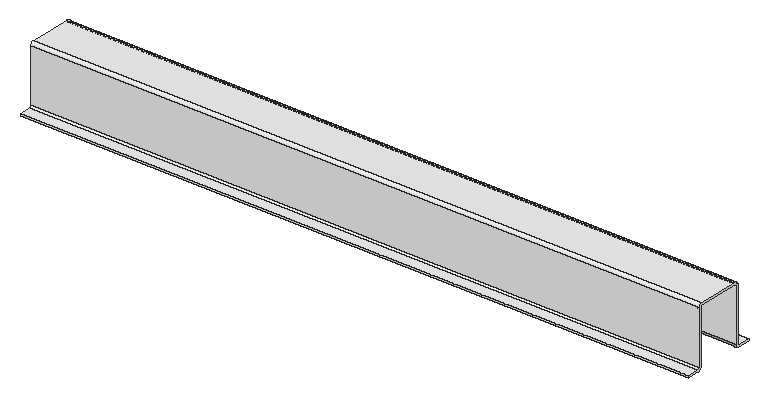
Revit family "Manômetro de luz - Perfis Topper", category Quadro estrutural, Revit 2019
Family settings
  Arredondamento do comprimento do framing estrutural = 1 mm
  Forma do corte = Não definido
  Material para o comportamento do modelo = Aço
  Exportar sempre como geometria = Não
  Sempre na vertical = Sim
  Corte com vazios quando carregada = Não
  Representação simbólica = Das configurações de projeto
  Compartilhado = Não
  Exibir o pré-corte da família na vista da planta = Sim
Parameters (values of type "T100x75x2.66")
  x = 0 mm
  t = 2.7 mm
  r = R - t  # 2.7 mm
  W = 0.00646
  Comentários de tipos = "GB/T 6723-2008"
  Structural Material [instance] = Aço leve galvaniado
  R = 2 * t  # 5.4 mm
  d = 25 mm
  B = 75 mm
  Código de montagem = "B10"
  Length [instance] = 1500 mm
  H = 100 mm
  A = 823.00 mm²
Reference planes
  plane 1 "Centro (Frente/Trás)": y = 0
  plane 2 "Centro (Esquerda/Direita)": x = 0.008
  plane 3 "Membro esquerdo": x = -556.99
  plane 4 "Membro direito": x = 566.21
  plane 5 "Superior": y = -40.2
  plane 6: y = 40.2
  plane 7 "Esquerda": x = -757.39
  plane 8 "Direita": x = 742.61
  plane 9: z = -100
  plane 10: z = 0
  plane 11: z = -2.7
  plane 12: y = -37.5
  plane 13: y = 37.5
  plane 14: z = -97.3
  plane 15: y = -62.5
  plane 16: y = 62.5
Forms (mm)
  Sweep 1, solid, material "Aço leve galvaniado" <- "Structural Material", detail levels medium
    path origin (0, 12.5, 0) x (1, 0, 0) y (0, 0, 1)
      loop
        line (-556.99, 0) -> (566.21, 0)
    profile origin (4.61, 12.5, 0) x (0, 0, 1) y (0, -1, 0)
      loop
        line (0, 52.7) -> (-97.3, 52.7) -> (-97.3, 75) -> (-100, 75) -> (-100, 50) -> (-2.7, 50) -> (-2.7, -25) -> (-100, -25) -> (-100, -50) -> (-97.3, -50) -> (-97.3, -27.7) -> (0, -27.7) -> (0, 52.7)
  Sweep 2, solid, material "Aço leve galvaniado" <- "Structural Material", detail levels fine
    path origin (0, 12.5, 0) x (1, 0, 0) y (0, 0, 1)
      loop
        line (-556.99, 0) -> (566.21, 0)
    profile origin (4.61, 12.5, 0) x (0, 0, 1) y (0, -1, 0)
      loop
        line (-5.4, 52.7) -> (-94.6, 52.7)
        arc (-94.6, 52.7) -> (-96.509, 53.491) -> (-97.3, 55.4) r 2.7
        line (-97.3, 55.4) -> (-97.3, 75) -> (-100, 75) -> (-100, 55.4)
        arc (-100, 55.4) -> (-98.418, 51.582) -> (-94.6, 50) r 5.4
        line (-94.6, 50) -> (-5.4, 50)
        arc (-5.4, 50) -> (-3.491, 49.209) -> (-2.7, 47.3) r 2.7
        line (-2.7, 47.3) -> (-2.7, -22.3)
        arc (-2.7, -22.3) -> (-3.491, -24.209) -> (-5.4, -25) r 2.7
        line (-5.4, -25) -> (-94.6, -25)
        arc (-94.6, -25) -> (-98.418, -26.582) -> (-100, -30.4) r 5.4
        line (-100, -30.4) -> (-100, -50) -> (-97.3, -50) -> (-97.3, -30.4)
        arc (-97.3, -30.4) -> (-96.509, -28.491) -> (-94.6, -27.7) r 2.7
        line (-94.6, -27.7) -> (-5.4, -27.7)
        arc (-5.4, -27.7) -> (-1.582, -26.118) -> (0, -22.3) r 5.4
        line (0, -22.3) -> (0, 47.3)
        arc (0, 47.3) -> (-1.582, 51.118) -> (-5.4, 52.7) r 5.4
Lines and regions (mm)
  symbolic lines, style "Faces ocultas", detail levels medium+fine
    curve 1: line (-556.99, 4.763, -3) -> (566.21, 4.763, -3)
    curve 2: line (-556.99, 4.763, -97.6) -> (566.21, 4.763, -97.6)
    curve 6: line (-556.99, -37.5, 0) -> (566.21, -37.5, 0)
    curve 7: line (-556.99, 37.5, 0) -> (566.21, 37.5, 0)
  symbolic lines, style "Símbolos de vara", detail levels coarse
    curve 3: line (-757.39, -40.2, -100) -> (-757.39, -40.2, 0)
    curve 4: line (-757.39, -40.2, 0) -> (-757.39, 40.2, 0)
    curve 5: line (-757.39, 40.2, 0) -> (-757.39, 40.2, -100)
    curve 8: line (0.008, -40.2, -100) -> (0.008, -62.5, -100)
  symbolic lines, detail levels coarse
    curve 9: line (0.008, 40.2, -100) -> (0.008, 62.5, -100)
Dimensions and locks
  "Length": plane 7 "Esquerda" to plane 8 "Direita"
  "t": plane 5 "Superior" to plane 12
  "t": plane 13 to plane 6
  "t": plane 14 to plane 9
  "t": plane 10 to plane 11
  "d": plane 15 to plane 12
  "d": plane 13 to plane 16
  "H": plane 10 to plane 9
  "x": level to plane 10
  "B": plane 13 to plane 12
  equal spacing: plane 6, plane 1 "Centro (Frente/Trás)", plane 5 "Superior"
  "R": radius of Sweep 2 sketch curve  (x4)
  "r": radius of Sweep 2 sketch curve  (x4)
  aligned and locked: curve 4 to plane 10
  aligned and locked: plane 5 "Superior" to Sweep 1 sketch curve
  aligned and locked: Sweep 1 sketch curve to plane 13
  aligned and locked: Sweep 1 sketch curve to plane 6
  aligned and locked: plane 10 to Sweep 1 sketch curve
  aligned and locked: Sweep 1 sketch curve to plane 11
  aligned and locked: plane 5 "Superior" to Sweep 2 sketch curve
  aligned and locked: Sweep 2 sketch curve to plane 12
  aligned and locked: plane 10 to Sweep 2 sketch curve
  aligned and locked: Sweep 2 sketch curve to plane 11
  aligned and locked: Sweep 2 sketch curve to plane 13
  aligned and locked: Sweep 2 sketch curve to plane 6
  aligned and locked: Sweep 1 sketch curve to plane 12
  aligned and locked: plane 14 to Sweep 2 sketch curve
  aligned and locked: plane 9 to Sweep 2 sketch curve  (x2)
  aligned and locked: plane 15 to Sweep 2 sketch curve
  aligned and locked: Sweep 2 sketch curve to plane 14
  aligned and locked: plane 16 to Sweep 2 sketch curve
  aligned and locked: Sweep 1 sketch curve to plane 9
  aligned and locked: plane 15 to Sweep 1 sketch curve
  aligned and locked: plane 14 to Sweep 1 sketch curve
  aligned and locked: Sweep 1 sketch curve to plane 14
  aligned and locked: plane 16 to Sweep 1 sketch curve
  aligned and locked: plane 9 to Sweep 1 sketch curve
  aligned and locked: plane 9 to curve 8
  aligned and locked: curve 8 to plane 15
  aligned and locked: curve 9 to plane 16
  aligned and locked: curve 9 to plane 9
  aligned and locked: plane 13 to curve 7
  aligned and locked: plane 12 to curve 6
  aligned and locked: plane 6 to curve 5  (x2)
  aligned and locked: curve 3 to plane 5 "Superior"
  aligned and locked: plane 3 "Membro esquerdo" to Sweep 1 sketch curve
  aligned and locked: plane 4 "Membro direito" to Sweep 1 sketch curve
  aligned and locked: plane 3 "Membro esquerdo" to Sweep 2 sketch curve
  aligned and locked: plane 4 "Membro direito" to Sweep 2 sketch curve
  aligned and locked: plane 3 "Membro esquerdo" to curve 1
  aligned and locked: plane 4 "Membro direito" to curve 1
  aligned and locked: plane 3 "Membro esquerdo" to curve 2
  aligned and locked: plane 4 "Membro direito" to curve 2
  aligned and locked: plane 3 "Membro esquerdo" to curve 6
  aligned and locked: plane 4 "Membro direito" to curve 6
  aligned and locked: plane 3 "Membro esquerdo" to curve 7
  aligned and locked: plane 4 "Membro direito" to curve 7
Automatic sketch dimensions
  curve 8 to plane 5 "Superior" = 0 mm
  curve 9 to plane 6 = 0 mm
  plane 14 to curve 2 = 0.3 mm
  plane 11 to curve 1 = 0.3 mm
  plane 9 to curve 5 = 0 mm
  plane 9 to curve 3 = 0 mm
  Sweep 1 sketch curve to level = 0 mm
  Sweep 2 sketch curve to level = 0 mm
  plane 3 "Membro esquerdo" to Sweep 1 sketch curve = 0 mm
  plane 4 "Membro direito" to Sweep 1 sketch curve = 0 mm
  plane 3 "Membro esquerdo" to Sweep 2 sketch curve = 0 mm
  plane 4 "Membro direito" to Sweep 2 sketch curve = 0 mm
Types in the file's own list only (43): name | t | r | W | R | B | H | A
  T50x50x1.9 | 2 mm | 2 mm | 0.00281 | 4 mm | 50 mm | 50 mm | 359.00 mm²
  T50x50x2.28 | 2 mm | 2 mm | 0.00334 | 5 mm | 50 mm | 50 mm | 425.00 mm²
  T50x50x2.66 | 3 mm | 3 mm | 0.00385 | 5 mm | 50 mm | 50 mm | 490.00 mm²
  T50x50x3.04 | 3 mm | 3 mm | 0.00435 | 6 mm | 50 mm | 50 mm | 554.00 mm²
  T50x75x1.9 | 2 mm | 2 mm | 0.00319 | 4 mm | 75 mm | 50 mm | 406.00 mm²
  T50x75x2.28 | 2 mm | 2 mm | 0.00379 | 5 mm | 75 mm | 50 mm | 483.00 mm²
  T50x75x2.66 | 3 mm | 3 mm | 0.00437 | 5 mm | 75 mm | 50 mm | 557.00 mm²
  T50x75x3.04 | 3 mm | 3 mm | 0.00495 | 6 mm | 75 mm | 50 mm | 630.00 mm²
  T50x100x1.9 | 2 mm | 2 mm | 0.00356 | 4 mm | 100 mm | 50 mm | 454.00 mm²
  T50x100x2.28 | 2 mm | 2 mm | 0.00423 | 5 mm | 100 mm | 50 mm | 539.00 mm²
  T50x100x2.66 | 3 mm | 3 mm | 0.00489 | 5 mm | 100 mm | 50 mm | 623.00 mm²
  T50x100x3.04 | 3 mm | 3 mm | 0.00554 | 6 mm | 100 mm | 50 mm | 706.00 mm²
  T50x100x3.42 | 3 mm | 3 mm | 0.00617 | 7 mm | 100 mm | 50 mm | 786.00 mm²
  T100x50x1.9 | 2 mm | 2 mm | 0.00431 | 4 mm | 50 mm | 100 mm | 549.00 mm²
  T100x50x2.28 | 2 mm | 2 mm | 0.00513 | 5 mm | 50 mm | 100 mm | 653.00 mm²
  T100x50x2.66 | 3 mm | 3 mm | 0.00593 | 5 mm | 50 mm | 100 mm | 756.00 mm²
  T100x50x3.04 | 3 mm | 3 mm | 0.00673 | 6 mm | 50 mm | 100 mm | 858.00 mm²
  T100x75x1.9 | 2 mm | 2 mm | 0.00468 | 4 mm | 75 mm | 100 mm | 596.00 mm²
  T100x75x2.28 | 2 mm | 2 mm | 0.00557 | 5 mm | 75 mm | 100 mm | 730.00 mm²
  T100x75x3.04 | 3 mm | 3 mm | 0.00733 | 6 mm | 75 mm | 100 mm | 934.00 mm²
  T100x75x3.42 | 3 mm | 3 mm | 0.00818 | 7 mm | 75 mm | 100 mm | 1043.00 mm²
  T100x100x1.9 | 2 mm | 2 mm | 0.00505 | 4 mm | 100 mm | 100 mm | 644.00 mm²
  T100x100x2.28 | 2 mm | 2 mm | 0.00602 | 5 mm | 100 mm | 100 mm | 767.00 mm²
  T100x100x2.66 | 3 mm | 3 mm | 0.00698 | 5 mm | 100 mm | 100 mm | 889.00 mm²
  T100x100x3.04 | 3 mm | 3 mm | 0.00792 | 6 mm | 100 mm | 100 mm | 1010.00 mm²
  T100x100x3.42 | 3 mm | 3 mm | 0.00886 | 7 mm | 100 mm | 100 mm | 1128.00 mm²
  T100x100x3.8 | 4 mm | 4 mm | 0.00977 | 8 mm | 100 mm | 100 mm | 1245.00 mm²
  T110x50x1.9 | 2 mm | 2 mm | 0.0046 | 4 mm | 50 mm | 110 mm | 587.00 mm²
  T110x50x2.28 | 2 mm | 2 mm | 0.00548 | 5 mm | 50 mm | 110 mm | 699.00 mm²
  T110x50x2.66 | 3 mm | 3 mm | 0.00635 | 5 mm | 50 mm | 110 mm | 809.00 mm²
  T110x50x3.04 | 3 mm | 3 mm | 0.00721 | 6 mm | 50 mm | 110 mm | 918.00 mm²
  T110x50x3.42 | 3 mm | 3 mm | 0.00805 | 7 mm | 50 mm | 110 mm | 1026.00 mm²
  T110x75x1.9 | 2 mm | 2 mm | 0.00498 | 4 mm | 75 mm | 110 mm | 634.00 mm²
  T110x75x2.28 | 2 mm | 2 mm | 0.00593 | 5 mm | 75 mm | 110 mm | 756.00 mm²
  T110x75x2.66 | 3 mm | 3 mm | 0.00687 | 5 mm | 75 mm | 110 mm | 876.00 mm²
  T110x75x3.04 | 3 mm | 3 mm | 0.00781 | 6 mm | 75 mm | 110 mm | 994.00 mm²
  T110x75x3.42 | 3 mm | 3 mm | 0.00872 | 7 mm | 75 mm | 110 mm | 1111.00 mm²
  T110x100x1.9 | 2 mm | 2 mm | 0.00535 | 4 mm | 100 mm | 110 mm | 682.00 mm²
  T110x100x2.28 | 2 mm | 2 mm | 0.00638 | 5 mm | 100 mm | 110 mm | 813.00 mm²
  T110x100x2.66 | 3 mm | 3 mm | 0.0074 | 5 mm | 100 mm | 110 mm | 942.00 mm²
  T110x100x3.04 | 3 mm | 3 mm | 0.0084 | 6 mm | 100 mm | 110 mm | 1070.00 mm²
  T110x100x3.42 | 3 mm | 3 mm | 0.00939 | 7 mm | 100 mm | 110 mm | 1197.00 mm²
  T110x100x3.8 | 4 mm | 4 mm | 0.01037 | 8 mm | 100 mm | 110 mm | 1321.00 mm²
